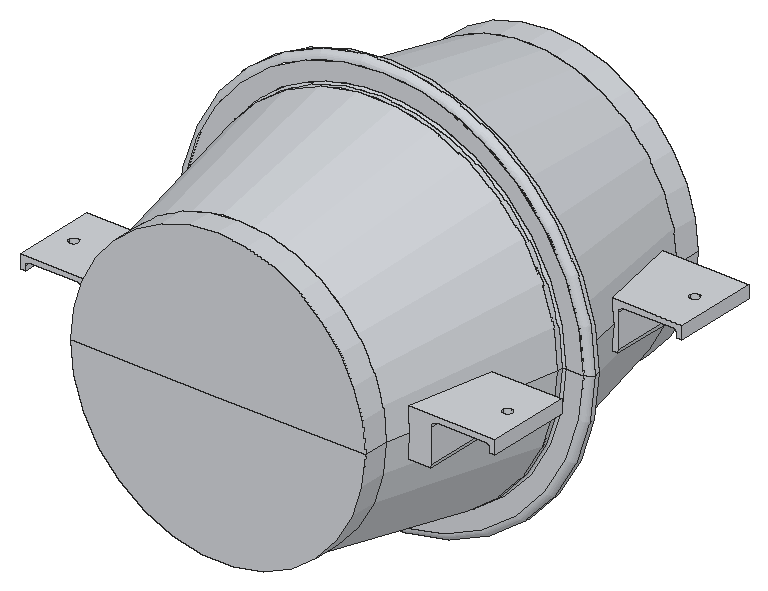
Revit family "FY-28DSR", category Mechanical Equipment, Revit 2024
Family settings
  Round Connector Dimension = Use Diameter
  Part Type = Normal
  OmniClass Number = 23.75.00.00
  OmniClass Title = Climate Control (HVAC)
  Work Plane-Based = No
  Always vertical = Yes
  Cut with Voids When Loaded = No
  Maintain Annotation Orientation = No
  Shared = No
  Room Calculation Point = No
Parameters
  Default Elevation = 0 mm
Reference planes
  plane 1 "Center (Front/Back)": y = 0
  plane 2: z = 0
  plane 3 "Center (Left/Right)": x = 0
  plane 4 "1": y = 175
  plane 5 "2": y = -175
Forms (mm)
  Revolve 1, solid
    sketch origin (0, 0, 0) x (1, 0, 0) y (0, 1, 0)
      loop
        line (0, 175) -> (0, -175) -> (124, -175) -> (124, -153) -> (152.5, -7.639) -> (152.5, -3.6)
        arc (152.5, -3.6) -> (152.943, -2.345) -> (154.075, -1.646) r 2
        line (154.075, -1.646) -> (169.24, -1.646)
        arc (169.24, -1.646) -> (173.313, 0.041) -> (175, 4.114) r 5.76
        line (175, 4.114) -> (175, 6.857) -> (152.5, 6.857) -> (152.5, 14.639) -> (124, 153) -> (124, 175) -> (0, 175)
      axis (0, 175) -> (0, -175)
    angle from 0 to 360
  Extrusion 2, solid
    sketch origin (0, 0, 0) x (1, 0, 0) y (0, 1, 0)
      loop
        line (-141.548, -63.5) -> (-200, -63.5) -> (-200, -133.5) -> (-127.823, -133.5) -> (-141.548, -63.5)
    from 20 to -20
  Extrusion 3, void
    sketch origin (0, 0, 0) x (1, 0, 0) y (0, 0, 1)
      loop
        line (-195.611, 9.029) -> (-200, 9.029) -> (-200, -20) -> (-146.262, -20) -> (-146.908, -17.252) -> (-146.908, 11.223)
        arc (-146.908, 11.223) -> (-148.193, 14.326) -> (-151.297, 15.611) r 4.389
        line (-151.297, 15.611) -> (-192.877, 15.611)
        arc (-192.877, 15.611) -> (-194.811, 14.805) -> (-195.611, 12.869) r 2.743
        line (-195.611, 12.869) -> (-195.611, 9.029)
    from 63.5 to 133.5
  Extrusion 4, solid
    sketch origin (0, 0, 0) x (-1, 0, 0) y (0, -1, 0)
      loop
        line (-141.548, 63.5) -> (-127.823, 133.5) -> (-200, 133.5) -> (-200, 63.5) -> (-141.548, 63.5)
    from 20 to -20
  Extrusion 5, void
    sketch origin (0, 0, 0) x (-1, 0, 0) y (0, 0, -1)
      loop
        line (-195.611, -9.029) -> (-195.611, -12.869)
        arc (-195.611, -12.869) -> (-194.811, -14.805) -> (-192.877, -15.611) r 2.743
        line (-192.877, -15.611) -> (-151.297, -15.611)
        arc (-151.297, -15.611) -> (-148.193, -14.326) -> (-146.908, -11.223) r 4.389
        line (-146.908, -11.223) -> (-146.908, 17.252) -> (-146.262, 20) -> (-200, 20) -> (-200, -9.029) -> (-195.611, -9.029)
    from 63.5 to 133.5
  Extrusion 6, solid
    sketch origin (0, 0, 0) x (1, 0, 0) y (0, 1, 0)
      loop
        line (-141.548, 63.5) -> (-127.823, 133.5) -> (-200, 133.5) -> (-200, 63.5) -> (-141.548, 63.5)
    from 20 to -20
  Extrusion 7, void
    sketch origin (0, 0, 0) x (1, 0, 0) y (0, 0, -1)
      loop
        line (-195.611, -9.029) -> (-195.611, -12.869)
        arc (-195.611, -12.869) -> (-194.811, -14.805) -> (-192.877, -15.611) r 2.743
        line (-192.877, -15.611) -> (-151.297, -15.611)
        arc (-151.297, -15.611) -> (-148.193, -14.326) -> (-146.908, -11.223) r 4.389
        line (-146.908, -11.223) -> (-146.908, 17.252) -> (-146.262, 20) -> (-200, 20) -> (-200, -9.029) -> (-195.611, -9.029)
    from 63.5 to 133.5
  Extrusion 8, solid
    sketch origin (0, 0, 0) x (-1, 0, 0) y (0, -1, 0)
      loop
        line (-141.548, -63.5) -> (-200, -63.5) -> (-200, -133.5) -> (-127.823, -133.5) -> (-141.548, -63.5)
    from 20 to -20
  Extrusion 9, void
    sketch origin (0, 0, 0) x (-1, 0, 0) y (0, 0, 1)
      loop
        line (-195.611, 9.029) -> (-200, 9.029) -> (-200, -20) -> (-146.262, -20) -> (-146.908, -17.252) -> (-146.908, 11.223)
        arc (-146.908, 11.223) -> (-148.193, 14.326) -> (-151.297, 15.611) r 4.389
        line (-151.297, 15.611) -> (-192.877, 15.611)
        arc (-192.877, 15.611) -> (-194.811, 14.805) -> (-195.611, 12.869) r 2.743
        line (-195.611, 12.869) -> (-195.611, 9.029)
    from 63.5 to 133.5
  Extrusion 10, void
    sketch origin (0, 0, 0) x (1, 0, 0) y (0, 1, 0)
      loop
        circle (-183, 98.5) r 4
    from 15.611 to 20
  Extrusion 11, void
    sketch origin (0, 0, 0) x (-1, 0, 0) y (0, -1, 0)
      loop
        circle (-183, -98.5) r 4
    from 15.611 to 20
  Extrusion 12, void
    sketch origin (0, 0, 0) x (1, 0, 0) y (0, 1, 0)
      loop
        circle (-183, -98.5) r 4
    from 15.611 to 20
  Extrusion 13, void
    sketch origin (0, 0, 0) x (-1, 0, 0) y (0, -1, 0)
      loop
        circle (-183, 98.5) r 4
    from 15.611 to 20
Cuts and joins
  Extrusion 3 cuts Revolve 1
  Extrusion 3, Extrusion 12 cuts Extrusion 2
  Extrusion 5, Extrusion 13 cuts Extrusion 4
  Extrusion 7, Extrusion 10, Extrusion 11, Extrusion 12 cuts Extrusion 6
  Extrusion 9, Extrusion 11, Extrusion 13 cuts Extrusion 8
Dimensions and locks
  aligned and locked: level to plane 2
Connectors
  hvac at (0, 175, 0)
    settings: index 1, duct flow 0.0 L/s, flow factor 0, pres drop 0.0 Pa, loss coef 0, conn angle 0.00°, conn width 304.8 mm, conn height 304.8 mm, conn diameter 250 mm, duct sys type 3, conn prof type 0, flow config 0, flow direction 0, loss method 0, conn ref index -1, conn util no, is conn primary yes, conn desc ""
  hvac at (0, -175, 0)
    settings: index 2, duct flow 0.0 L/s, flow factor 0, pres drop 0.0 Pa, loss coef 0, conn angle 0.00°, conn width 304.8 mm, conn height 304.8 mm, conn diameter 250 mm, duct sys type 3, conn prof type 0, flow config 0, flow direction 0, loss method 0, conn ref index -1, conn util no, is conn primary no, conn desc ""
